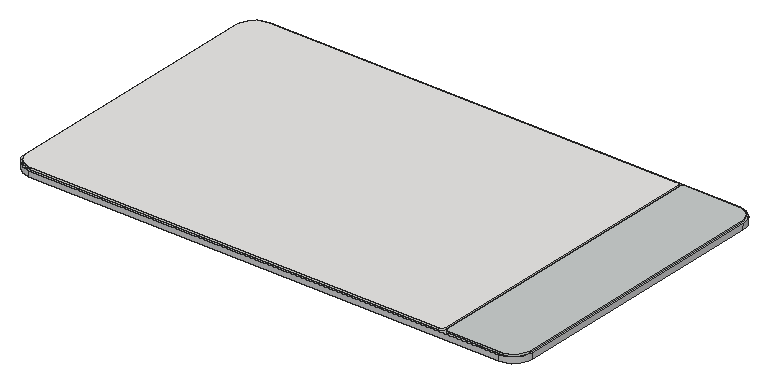
Revit family "Clarus_beWall_R19", category Furniture, host Face, Revit 2019
Family settings
  Host = Face
  Cut with Voids When Loaded = No
  Shared = No
  Room Calculation Point = No
Parameters (values of type "67 3/8" X 40"")
  Width = 67 3/8"
  URL = "https://www.clarus.com/"
  TRC Standards [instance] = "http://therevitcollection.com/news/trc-news-the-revit-collection-standards-explained/"
  Product URL = "https://www.clarus.com/be-wall/"
  More Revit Families! [instance] = "www.therevitcollection.com"
  Modeled By = "Commense Studio"  # constant formula
  Model = "be! Wall"  # constant formula
  Manufacturer = "Clarus"  # constant formula
  Clarus Glass [instance] = CBC-116 Smooth White
  Core Finish [instance] = Clarus Gray
  Description = "The simple and elegant be! Wall glassboard puts your best ideas on display.\r\nThe cleanly designed be! Wall comes in one standard size with a selection\r\nof two core fi nishes and boasts magnetic glass, radiused corners, and added\r\ndepth to prevent marker smudges and stains on your wall. The small acoustic\r\npanel is ideal for tacking up important items such as photos, notes, or fabric\r\nsamples to enhance your most creative brainstorm sessions. Easily installed\r\nwith the Clarus® TruMount™ system, the be! Wall can be hung horizontally\r\nor vertically, accommodating any modern-day work environment. With be!\r\nWall, everyone can collaborate without breaking the bank."  # constant formula
  Height = 40"
  Designer = ""
  Depth = 1 1/2"
  Default Elevation = 0"
  Assembly Code = ""
  Acoustic Panel [instance] = Clarus Marbled Gray
Reference planes (in)
  plane 1 "Center (Front/Back)": y = 0
  plane 2: z = 0
  plane 3 "Center (Left/Right)": x = 0
  plane 4 "L": x = -33.6875
  plane 5 "R": x = 33.6875
  plane 6 "B": y = 20
  plane 7 "F": y = -20
  plane 8: z = 1.5
  plane 9: x = -33.43753
  plane 10: x = 33.43753
  plane 11: z = 1.34375
  plane 12: z = 1.71875
  plane 13: x = 23.8125
  plane 14: x = 23.5625
  plane 15: z = 0.59375
Forms (in)
  Extrusion 1, solid, material "Clarus Gray" <- "Core Finish"
    sketch origin (0, 0, 0) x (1, 0, 0) y (0, 1, 0)
      loop
        arc (-31.1875, 20) -> (-32.95527, 19.26777) -> (-33.6875, 17.5) r 2.5
        line (-33.6875, 17.5) -> (-33.6875, -17.5)
        arc (-33.6875, -17.5) -> (-32.95527, -19.26777) -> (-31.1875, -20) r 2.5
        line (-31.1875, -20) -> (31.1875, -20)
        arc (31.1875, -20) -> (32.95527, -19.26777) -> (33.6875, -17.5) r 2.5
        line (33.6875, -17.5) -> (33.6875, 17.5)
        arc (33.6875, 17.5) -> (32.95527, 19.26777) -> (31.1875, 20) r 2.5
        line (31.1875, 20) -> (-31.1875, 20)
    from 0.59375 to 1.34375
  Extrusion 2, solid, material "CBC-116 Smooth White" <- "Clarus Glass"
    sketch origin (0, 0, 0) x (1, 0, 0) y (0, 1, 0)
      loop
        arc (-31.1875, 19.75) -> (-32.77849, 19.09099) -> (-33.4375, 17.5) r 2.25
        line (-33.4375, 17.5) -> (-33.4375, -17.5)
        arc (-33.4375, -17.5) -> (-32.77849, -19.09099) -> (-31.1875, -19.75) r 2.25
        line (-31.1875, -19.75) -> (23.0625, -19.75)
        arc (23.0625, -19.75) -> (23.41605, -19.60355) -> (23.5625, -19.25) r 0.5
        line (23.5625, -19.25) -> (23.5625, 19.25)
        arc (23.5625, 19.25) -> (23.41605, 19.60355) -> (23.0625, 19.75) r 0.5
        line (23.0625, 19.75) -> (-31.1875, 19.75)
    from 1.34375 to 1.5
  Extrusion 3, solid, material "Clarus Marbled Gray" <- "Acoustic Panel"
    sketch origin (0.75, 0, 0) x (1, 0, 0) y (0, 1, 0)
      loop
        line (30.43753, 19.75) -> (23.5625, 19.75)
        arc (23.5625, 19.75) -> (23.20895, 19.60355) -> (23.0625, 19.25) r 0.5
        line (23.0625, 19.25) -> (23.0625, -19.25)
        arc (23.0625, -19.25) -> (23.20895, -19.60355) -> (23.5625, -19.75) r 0.5
        line (23.5625, -19.75) -> (30.43753, -19.75)
        arc (30.43753, -19.75) -> (32.02852, -19.09099) -> (32.68753, -17.5) r 2.25
        line (32.68753, -17.5) -> (32.68753, 17.5)
        arc (32.68753, 17.5) -> (32.02852, 19.09099) -> (30.43753, 19.75) r 2.25
    from 1.34375 to 1.5
Dimensions and locks (in)
  equal spacing: plane 4 "L", plane 3 "Center (Left/Right)", plane 5 "R"
  "Width": plane 4 "L" to plane 5 "R"
  equal spacing: plane 7 "F", plane 1 "Center (Front/Back)", plane 6 "B"
  "Height": plane 7 "F" to plane 6 "B"
  "Depth": plane 8 to level
  plane 9 to plane 4 "L" = 0.24997"
  plane 10 to plane 5 "R" = 0.24997"
  locked: plane 8 to plane 11 at 0.15625
  locked: plane 12 to plane 11 at 0.375
  locked: plane 11 to plane 15 at 0.75
  aligned and locked: plane 2 to host face
  aligned and locked: level to host face
  aligned and locked: Extrusion 1 to plane 15
  aligned and locked: plane 11 to Extrusion 1
  aligned and locked: plane 8 to Extrusion 2
  aligned and locked: Extrusion 2 to plane 11
  aligned and locked: Extrusion 3 sketch curve to plane 10
  aligned and locked: Extrusion 3 sketch curve to plane 13
Automatic sketch dimensions
  host sketch curve to host sketch curve = 96"  (x2)
  Extrusion 1 sketch curve to plane 4 "L" = 0"
  plane 7 "F" to Extrusion 1 sketch curve = 0"
  plane 6 "B" to Extrusion 1 sketch curve = 0"
  Extrusion 1 sketch curve to plane 5 "R" = 0"
  plane 9 to Extrusion 1 sketch curve = 2.25003"  (x2)
  plane 10 to Extrusion 1 sketch curve = 2.25003"  (x2)
  Extrusion 2 sketch curve to plane 14 = 0"
  Extrusion 2 sketch curve to plane 7 "F" = 1/4"
  Extrusion 2 sketch curve to plane 14 = 1/2"
  Extrusion 2 sketch curve to Extrusion 2 sketch curve = 1/2"
  plane 9 to Extrusion 2 sketch curve = 2.25003"  (x2)
  plane 6 "B" to Extrusion 2 sketch curve = 1/4"
  plane 9 to Extrusion 2 sketch curve = 0.00003"
  Extrusion 3 sketch curve to plane 7 "F" = 1/4"
  plane 13 to Extrusion 3 sketch curve = 1/2"  (x2)
  plane 6 "B" to Extrusion 3 sketch curve = 1/4"
  plane 10 to Extrusion 3 sketch curve = 2 1/4"  (x2)
